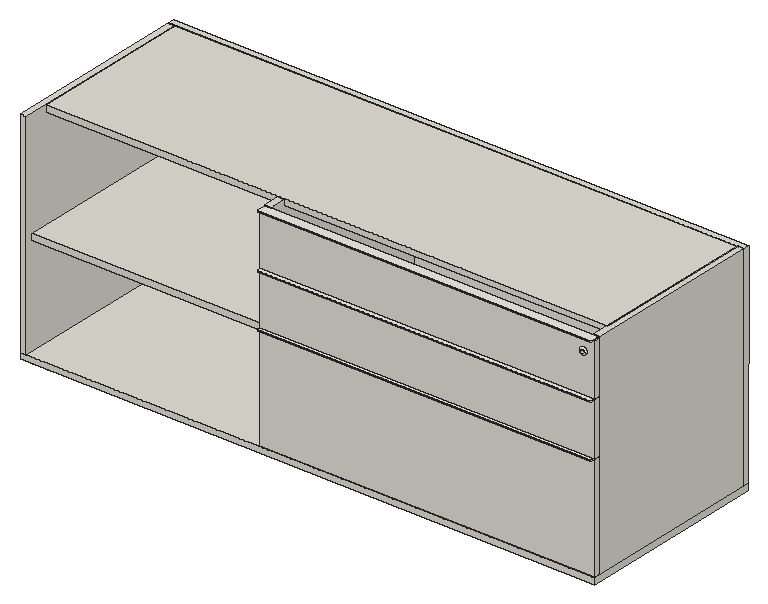
Revit family "Haworth_BeHold_Modular_AttachedCredenza_StorageEnd", category Furniture Systems, Revit 2018 (continued)
Definition of nested family "Haworth_BeHold_Leg_Single_PART"
  Definition of nested family "Haworth_BeHold_LegAssemblies_PART2"
    Forms (in)
      Extrusion 7, solid, material <- "Trim Finish"
        sketch origin (0, 0, 0) x (1, 0, 0) y (0, 1, 0)
          loop
            arc (-7.55056, -1.59766) -> (-7.90411, -1.7441) -> (-8.05056, -2.09766) r 0.5
            line (-8.05056, -2.09766) -> (-8.05056, -3.84196)
            arc (-8.05056, -3.84196) -> (-7.9021, -4.20037) -> (-7.54368, -4.34883) r 0.50687
            line (-7.54368, -4.34883) -> (-4.80743, -4.34883)
            arc (-4.80743, -4.34883) -> (-4.44902, -4.20037) -> (-4.30056, -3.84196) r 0.50687
            line (-4.30056, -3.84196) -> (-4.30056, -2.09766)
            arc (-4.30056, -2.09766) -> (-4.447, -1.7441) -> (-4.80056, -1.59766) r 0.5
            line (-4.80056, -1.59766) -> (-7.55056, -1.59766)
        from 5.84375 to 6
      Extrusion 8, solid, material <- "Trim Finish"
        sketch origin (0, -23, 0) x (1, 0, 0) y (0, 1, 0)
          loop
            line (-7.55056, 1.59766) -> (-4.80056, 1.59766)
            arc (-4.80056, 1.59766) -> (-4.447, 1.7441) -> (-4.30056, 2.09766) r 0.5
            line (-4.30056, 2.09766) -> (-4.30056, 3.84196)
            arc (-4.30056, 3.84196) -> (-4.44902, 4.20037) -> (-4.80743, 4.34883) r 0.50687
            line (-4.80743, 4.34883) -> (-7.54368, 4.34883)
            arc (-7.54368, 4.34883) -> (-7.9021, 4.20037) -> (-8.05056, 3.84196) r 0.50687
            line (-8.05056, 3.84196) -> (-8.05056, 2.09766)
            arc (-8.05056, 2.09766) -> (-7.90411, 1.7441) -> (-7.55056, 1.59766) r 0.5
        from 5.84375 to 6
    Cuts and joins
      joined: Extrusion 3, Extrusion 4, Sweep 5, Sweep 6, Extrusion 7, Extrusion 8
    Lines and regions (in)
      Masking region 1, detail levels medium+fine
        outline origin (0, 0, 0) x (1, 0, 0) y (0, 1, 0)
          loop
            arc (-5.61411, -1.16016) -> (-6.17556, -0.59871) -> (-6.737, -1.16016) r 0.56145
            line (-6.737, -1.16016) -> (-6.73806, -21.83984)
            arc (-6.73806, -21.83984) -> (-6.17556, -22.40129) -> (-5.61411, -21.83984) r 0.56145
            line (-5.61411, -21.83984) -> (-5.61411, -1.16016)
    Dimensions and locks (in)
      "Actual Height": plane 4 "Top" to plane 1
      locked: plane 7 "Glide Top" to plane 1 at 0.1875
      locked: plane 5 "Front" to Sweep 5 sketch curve at 0.5625
      locked: Sweep 5 sketch curve to plane 6 "Back" at 0.5625
      locked: Sweep 5 sketch curve to plane 4 "Top" at 2.12282
      locked: plane 2 "Center L/R" to Sweep 6 sketch curve at 0.5625
      locked: Sweep 6 sketch curve to plane 2 "Center L/R" at 0.5625
      locked: Sweep 6 sketch curve to plane 4 "Top" at 1.56032
      locked: plane 5 "Front" to Sweep 6 sketch curve at 1.3125
      locked: Sweep 6 sketch curve to plane 6 "Back" at 1.3125
      locked: plane 4 "Top" to plane 8 at 0.15625
      equal spacing: plane 5 "Front", plane 3 "Center F/B", plane 6 "Back"
      "Actual Depth": plane 5 "Front" to plane 6 "Back"
      locked: plane 2 "Center L/R" to Extrusion 7 sketch curve at 1.875
      locked: Extrusion 7 sketch curve to plane 2 "Center L/R" at 1.875
      locked: Extrusion 7 sketch curve to plane 6 "Back" at 0.4375
      locked: Extrusion 7 sketch curve to Extrusion 7 sketch curve at 2.75118
      locked: Extrusion 8 sketch curve to Extrusion 8 sketch curve at 2.75118
      locked: plane 5 "Front" to Extrusion 8 sketch curve at 0.4375
      locked: plane 2 "Center L/R" to Extrusion 8 sketch curve at 1.875
      locked: Extrusion 8 sketch curve to plane 2 "Center L/R" at 1.875
      locked: plane 2 "Center L/R" to Masking region 1 sketch curve at 0.5625
      locked: Masking region 1 sketch curve to plane 2 "Center L/R" at 0.5625
      aligned and locked: plane 5 "Front" to Extrusion 1 sketch curve
      aligned and locked: plane 2 "Center L/R" to Extrusion 1 sketch curve
      aligned and locked: Extrusion 1 to plane 1
      aligned and locked: plane 7 "Glide Top" to Extrusion 1
      aligned and locked: plane 6 "Back" to Extrusion 2 sketch curve
      aligned and locked: plane 2 "Center L/R" to Extrusion 2 sketch curve
      aligned and locked: plane 7 "Glide Top" to Extrusion 2
      aligned and locked: Extrusion 2 to plane 1
      aligned and locked: Extrusion 3 sketch curve to plane 5 "Front"
      aligned and locked: Extrusion 3 to plane 7 "Glide Top"
      aligned and locked: plane 4 "Top" to Extrusion 3
      aligned and locked: plane 6 "Back" to Extrusion 4 sketch curve  (x2)
      aligned and locked: plane 4 "Top" to Extrusion 4
      aligned and locked: Extrusion 4 to plane 7 "Glide Top"
      aligned and locked: plane 7 "Glide Top" to Sweep 5 sketch curve  (x2)
      aligned and locked: Sweep 5 sketch curve to plane 5 "Front"
      aligned and locked: plane 2 "Center L/R" to Sweep 5 sketch curve
      aligned and locked: plane 5 "Front" to Sweep 5 sketch curve
      aligned and locked: Sweep 6 sketch curve to plane 3 "Center F/B"
      aligned and locked: Sweep 6 sketch curve to plane 5 "Front"
      aligned and locked: plane 6 "Back" to Sweep 6 sketch curve
      aligned and locked: Sweep 6 sketch curve to plane 4 "Top"
      aligned and locked: Extrusion 7 to plane 8
      aligned and locked: Extrusion 8 to plane 8
      aligned and locked: plane 4 "Top" to Extrusion 7
      aligned and locked: plane 4 "Top" to Extrusion 8
      aligned and locked: plane 6 "Back" to Masking region 1 sketch curve
      aligned and locked: plane 2 "Center L/R" to Masking region 1 sketch curve  (x2)
      aligned and locked: plane 5 "Front" to Masking region 1 sketch curve
      aligned and locked: plane 2 "Center L/R" to Extrusion 4 sketch curve
      aligned and locked: plane 5 "Front" to Extrusion 3 sketch curve
      aligned and locked: plane 2 "Center L/R" to Extrusion 3 sketch curve
    Automatic sketch dimensions
      Sweep 5 sketch curve to Sweep 5 sketch curve = 3/4"  (x2)
      Sweep 5 sketch curve to plane 2 "Center L/R" = 9/16"
      Extrusion 7 sketch curve to Extrusion 7 sketch curve = 1/2"  (x2)
      Extrusion 7 sketch curve to Extrusion 7 sketch curve = 0.50687"  (x2)
      Extrusion 8 sketch curve to Extrusion 8 sketch curve = 1/2"  (x2)
      Extrusion 8 sketch curve to Extrusion 8 sketch curve = 0.50687"
      Extrusion 8 sketch curve to plane 2 "Center L/R" = 1.36813"
      plane 6 "Back" to Masking region 1 sketch curve = 0"  (x2)
      Masking region 1 sketch curve to plane 5 "Front" = 0"  (x2)
      Masking region 1 sketch curve to plane 2 "Center L/R" = 0.56145"
      Masking region 1 sketch curve to Masking region 1 sketch curve = 0.00105"
      Extrusion 4 sketch curve to Extrusion 4 sketch curve = 9/16"
      plane 2 "Center L/R" to Extrusion 3 sketch curve = 9/16"
      radius of Extrusion 1 sketch curve = 0.50018"
      radius of Extrusion 2 sketch curve = 0.50018"
Types (8): name | With Leg | Width | Two High | Total Drawer Height | Top Drawer Height | Top Drawer Control | Top Case Front Offset | Top Case Back Control | Three High | Storage Width | Standard Storage Height | Standard Height | Sliding Door Control | Sliding Door | Side Case Front Control | Side Case Back Control | Shelf Top Control | Shelf 2 Offset | Shelf Front Offset | Shelf Bottom Control | Separator Case Front Offset | Proud Style | Open | One and One Half High | Min. Width | Min. Storage Width | Middle Drawer Height | Mid Separator S/D Control | Mid Separator O/D Control | Glide Control | Front Door Height | Drawers | Door Width | Bottom Drawer Control | Bottom Drawer Offset | Bottom Drawer Height | Middle Drawer Control | Inset Style | File File | Drawer Width | Distance Between Drawer | Box File | Box Box File | Bottom Case Offset | Blade Pull Length | Back Door Height | Back Case Side Control | Back Case Back Control | Actual Width | Actual Storage Width | Actual Single Leg Control | Actual Height | Standard Widths
  2H - 72w - 42w Drawer - Proud Back | no | 72" | yes | 26 1/2" | 6 9/16" | yes | 3" | 0" | no | 42" | 28" | "1.5, 2 High" | no | no | 3/4" | 3/4" | no | 13 5/16" | 3/4" | no | 3/4" | yes | no | no | 42" | 24" | 6 9/16" | no | yes | yes | 26 3/8" | yes | 34 1/2" | yes | 1 3/8" | 13 1/8" | yes | no | no | 41 7/8" | 1/4" | no | yes | 1/2" | 41 13/16" | 26 3/16" | 0" | 0" | 72" | 42" | no | 28" | "42-72 in. @ 6 in. increments"
  1.5H - 60w - 36w Drawer - Inset Back | no | 60" | no | 20 1/2" | 6.79167" | yes | 3" | 3/16" | no | 36" | 22" | "1.5, 2 High" | no | no | 3/4" | 0" | no | 13 5/16" | 3/4" | no | 3/4" | no | no | yes | 42" | 24" | 6.79167" | no | yes | yes | 20 3/8" | yes | 28 1/2" | yes | 1 3/8" | 13.58333" | no | yes | no | 35 7/8" | 1/8" | yes | no | 1/2" | 35 13/16" | 20 3/16" | 3/4" | 3/16" | 60" | 36" | no | 22" | "42-72 in. @ 6 in. increments"
  2H - 72w - 36w Open - Proud Back | no | 72" | yes | 26 1/2" | 13 3/16" | no | 3" | 0" | no | 36" | 28" | "1.5, 2 High" | no | no | 0" | 3/4" | no | 13 5/16" | 3/4" | yes | 0" | yes | yes | no | 42" | 24" | 13 3/16" | no | yes | yes | 26 3/8" | no | 34 1/2" | no | 1 3/8" | 13 3/16" | no | no | yes | 35 7/8" | 1/8" | no | no | 1/2" | 35 13/16" | 26 3/16" | 0" | 0" | 72" | 36" | no | 28" | "42-72 in. @ 6 in. increments"
  1.5H - 60w - 30w Open - Inset Back | no | 60" | no | 20 1/2" | 13.58333" | no | 3" | 3/16" | no | 30" | 22" | "1.5, 2 High" | no | no | 0" | 0" | no | 13 5/16" | 3/4" | yes | 0" | no | yes | yes | 42" | 24" | 10 3/16" | no | yes | yes | 20 3/8" | no | 28 1/2" | no | 1 3/8" | 13.58333" | no | yes | yes | 29 7/8" | 1/8" | no | no | 1/2" | 29 13/16" | 20 3/16" | 3/4" | 3/16" | 60" | 30" | no | 22" | "42-72 in. @ 6 in. increments"
  1.5H - 48w - 24w Door - Inset Back | no | 48" | no | 20 1/2" | 13.58333" | no | 2 1/8" | 3/16" | no | 24" | 22" | "1.5, 2, 3 High" | yes | yes | 0" | 0" | no | 13 5/16" | 2 1/8" | yes | 3/4" | no | no | yes | 36" | 18" | 10 3/16" | yes | no | yes | 20 3/8" | no | 22 1/2" | no | 1 3/8" | 13.58333" | no | yes | yes | 23 7/8" | 1/8" | no | no | 1/2" | 23 13/16" | 20 3/16" | 3/4" | 3/16" | 48" | 24" | no | 22" | "36-72 in. @ 6 in. increments"
  2H - 60w - 30w Door - Proud Back | no | 60" | yes | 26 1/2" | 13 3/16" | no | 2 1/8" | 0" | no | 30" | 28" | "1.5, 2, 3 High" | yes | yes | 0" | 3/4" | no | 13 5/16" | 2 1/8" | yes | 3/4" | yes | no | no | 36" | 18" | 13 3/16" | yes | no | yes | 26 3/8" | no | 28 1/2" | no | 1 3/8" | 13 3/16" | no | no | yes | 29 7/8" | 1/8" | no | no | 1/2" | 29 13/16" | 26 3/16" | 0" | 0" | 60" | 30" | no | 28" | "36-72 in. @ 6 in. increments"
  3H - 72w - 36w Door - Inset Back | no | 72" | no | 40 1/2" | 13.45833" | no | 2 1/8" | 3/16" | yes | 36" | 42" | "1.5, 2, 3 High" | yes | yes | 0" | 0" | yes | 26 5/8" | 2 1/8" | yes | 3/4" | no | no | no | 36" | 18" | 20 3/16" | yes | no | yes | 40 3/8" | no | 34 1/2" | no | 1 3/8" | 13.45833" | no | yes | yes | 35 7/8" | 1/8" | no | no | 1/2" | 35 13/16" | 40 3/16" | 3/4" | 3/16" | 72" | 36" | no | 42" | "36-72 in. @ 6 in. increments"
  1.5H - 60w - 36w Drawer - Inset Back - With Leg | yes | 60" | no | 21" | 6.95833" | yes | 3" | 3/16" | no | 36" | 22" | "1.5, 2 High" | no | no | 3/4" | 0" | no | 13 5/16" | 3/4" | no | 3/4" | no | no | yes | 42" | 24" | 6.95833" | no | yes | no | 20 7/8" | yes | 28 1/2" | yes | 6 7/8" | 13.91667" | no | yes | no | 35 7/8" | 1/8" | yes | no | 6" | 35 13/16" | 20 11/16" | 3/4" | 3/16" | 60" | 36" | yes | 28" | "42-72 in. @ 6 in. increments"
